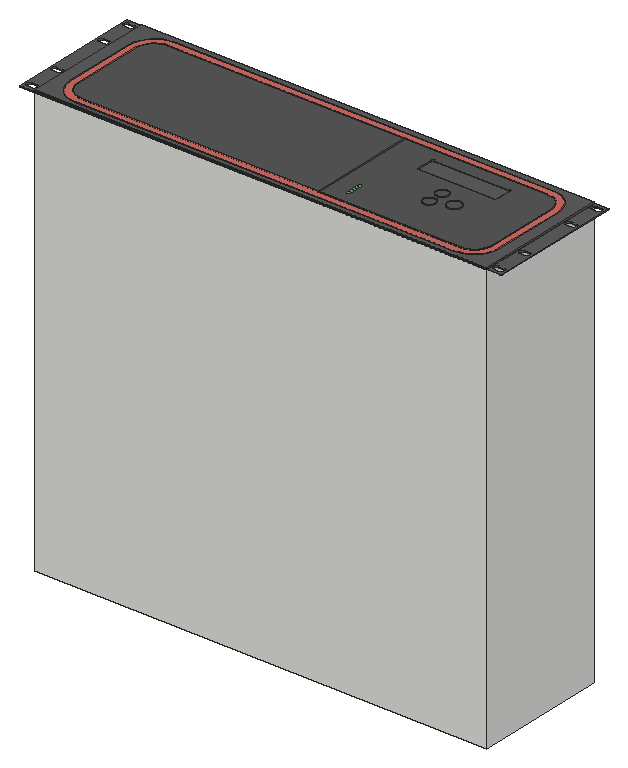
Revit family "Electronics_Configurable-Audio-DSP_Biamp_Tesira_Server__", category Communication Devices, host Face, Revit 2020
Family settings
  Host = Face
  Maintain Annotation Orientation = No
  Round Connector Dimension = Use Diameter
  Part Type = Normal
  OmniClass Number = 23.85.10.17.11
  OmniClass Title = Audio-Visual System Components
  Cut with Voids When Loaded = No
  Shared = No
  Room Calculation Point = No
Parameters (values of type "SERVER")
  Width = 19.00"  # constant formula
  Weight = 18.00 lbf  # constant formula
  Voltage = 120 V
  URL = "https://www.biamp.com/"
  Sampling Rate = "48kHz"  # constant formula
  SERVER-IO = no
  SERVER = yes
  Product data url = "https://www.bimobject.com/biamp/product/tesira-server_configurable-audio-dsp"
  Product Page URL = "https://www.biamp.com/products/tesira-configurable-audio-dsp#tesira-server"
  Product Documentation Link = "https://downloads.biamp.com/assets/docs/default-source/data-sheets/biamp_data_sheet_tesira_server_dec20.pdf"
  Power Factor = 1
  Phantom Power = "+48 VDC (7mA/input)"  # constant formula
  Output Impedance = "200 ohm"  # constant formula
  Number of Poles = 1
  Model = "Tesira SERVER"
  Maximum Output = "+24dBu"  # constant formula
  Max Power Consumption = 150 W
  Manufacturer = "Biamp"  # constant formula
  Input Impedance = "8 kohm"  # constant formula
  Input Gain Range = "6dB Steps: 0 - 66dB"  # constant formula
  Housing Material = Biamp - Metal - Silver
  Height = 5.25"  # constant formula
  Frequency Response = "+0/-0.25dB"  # constant formula
  EIN = "<-125dBu"  # constant formula
  Dynamic Range = ">108dB"  # constant formula
  Description = "Tesira® SERVER Configurable I/O DSP"
  Depth = 17.00"  # constant formula
  Default Elevation = 48.00"
  Cross Talk = "0dB Gain, +4dBu In: < -85dB; 54dB Gain, -50dBu In: < -75dB"  # constant formula
  Connector Description = "100-240VAC 50/60Hz"  # constant formula
  Compliance = "FCC Part 15B (USA), FCC Part 68 (USA), Industry Canada CS-03 (Canada), CE marked (Europe), UL and C-UL listed (USA & Canada). RCM (Australia), EAC (Eurasian Customs Union), RoHS Directive (Europe)"  # constant formula
  Assembly Code = ""
  Apparent Load = Max Power Consumption / Power Factor  # 150 VA
  A/D Converters = "24-bit\r"  # constant formula
Reference planes (in)
  plane 1 "Center (Front/Back)": y = 0
  plane 2: z = 0
  plane 3 "Center (Left/Right)": x = 0
  plane 4: z = 0.03125
  plane 5: z = 0.07031
  plane 6: x = 18.4252
  plane 7: y = 2.39528
  plane 8: y = 1.13543
  plane 9: y = -1.14921
  plane 10: y = -2.40905
Forms (in)
  Extrusion 1, solid, material "Biamp - Plastic - Red", detail levels medium+fine
    sketch origin (9.2126, -2.625, -8.40624) x (1, 0, 0) y (0, 1, 0)
      loop
        arc (-7.46063, 5.03937) -> (-8.1566, 4.75109) -> (-8.44488, 4.05512) r 0.98425
        line (-8.44488, 4.05512) -> (-8.44488, 1.1811)
        arc (-8.44488, 1.1811) -> (-8.1566, 0.48513) -> (-7.46063, 0.19685) r 0.98425
        line (-7.46063, 0.19685) -> (7.46063, 0.19685)
        arc (7.46063, 0.19685) -> (8.1566, 0.48513) -> (8.44488, 1.1811) r 0.98425
        line (8.44488, 1.1811) -> (8.44488, 4.05512)
        arc (8.44488, 4.05512) -> (8.1566, 4.75109) -> (7.46063, 5.03937) r 0.98425
        line (7.46063, 5.03937) -> (-7.46063, 5.03937)
      loop
        arc (-7.46063, 4.76378) -> (-7.96173, 4.55622) -> (-8.16929, 4.05512) r 0.70866
        line (-8.16929, 4.05512) -> (-8.16929, 1.1811)
        arc (-8.16929, 1.1811) -> (-7.96173, 0.68) -> (-7.46063, 0.47244) r 0.70866
        line (-7.46063, 0.47244) -> (7.46063, 0.47244)
        arc (7.46063, 0.47244) -> (7.96173, 0.68) -> (8.16929, 1.1811) r 0.70866
        line (8.16929, 1.1811) -> (8.16929, 4.05512)
        arc (8.16929, 4.05512) -> (7.96173, 4.55622) -> (7.46063, 4.76378) r 0.70866
        line (7.46063, 4.76378) -> (-7.46063, 4.76378)
    from 8.47655 to 8.43749
  Extrusion 2, solid, material "Biamp - Plastic - Black(Grid)", detail levels medium+fine
    sketch origin (9.2126, -2.625, -8.40624) x (1, 0, 0) y (0, 1, 0)
      loop
        arc (-7.46063, 4.76378) -> (-7.96173, 4.55622) -> (-8.16929, 4.05512) r 0.70866
        line (-8.16929, 4.05512) -> (-8.16929, 1.1811)
        arc (-8.16929, 1.1811) -> (-7.96173, 0.68) -> (-7.46063, 0.47244) r 0.70866
        line (-7.46063, 0.47244) -> (1.87008, 0.47244) -> (1.87008, 4.76378) -> (-7.46063, 4.76378)
    from 8.47655 to 8.43749
  Extrusion 3, solid, material "Biamp - Glass - Gray", detail levels medium+fine
    sketch origin (9.2126, -2.625, -8.40624) x (1, 0, 0) y (0, 1, 0)
      loop
        line (3.46457, 3.46624) -> (6.37795, 3.46624)
        arc (6.37795, 3.46624) -> (6.44755, 3.49506) -> (6.47638, 3.56466) r 0.09843
        line (6.47638, 3.56466) -> (6.47638, 4.15521)
        arc (6.47638, 4.15521) -> (6.44755, 4.22481) -> (6.37795, 4.25364) r 0.09843
        line (6.37795, 4.25364) -> (3.464, 4.25364)
        arc (3.464, 4.25364) -> (3.39481, 4.22497) -> (3.36614, 4.15578) r 0.09786
        line (3.36614, 4.15578) -> (3.36614, 3.56466)
        arc (3.36614, 3.56466) -> (3.39497, 3.49506) -> (3.46457, 3.46624) r 0.09843
    from 8.47655 to 8.43749
  Extrusion 4, solid, material "Biamp - Plastic - Black", detail levels medium+fine
    sketch origin (9.2126, -2.625, -8.40624) x (1, 0, 0) y (0, 1, 0)
      loop
        circle (4.91745, 2.78143) r 0.23622
      loop
        circle (4.91269, 2.14309) r 0.23622
      loop
        circle (5.66535, 2.44321) r 0.27559
    from 8.47655 to 8.43749
  Extrusion 5, solid, material "Biamp - Metal - Black", detail levels medium+fine
    sketch origin (9.2126, -2.625, -8.3431) x (1, 0, 0) y (0, 0, -1)
      loop
        line (-8.91732, -8.37435) -> (-8.91732, -8.41341) -> (8.91732, -8.41341) -> (8.91732, -8.37435) -> (-8.91732, -8.37435)
    from 0 to 5.25
  Extrusion 6, solid, material "Biamp - Metal - Silver" <- "Housing Material", visible <- "SERVER"
    sketch origin (9.2126, -2.625, -8.40624) x (1, 0, 0) y (0, 0, -1)
      loop
        line (-8.91732, 8.5) -> (-8.91732, -8.40624) -> (8.91732, -8.40624) -> (8.91732, 8.5) -> (-8.91732, 8.5)
    from 0 to 5.25
  Extrusion 7, solid, material "Biamp - Metal - Black", detail levels medium+fine
    sketch origin (9.2126, -2.625, -8.40624) x (1, 0, 0) y (0, 0, -1)
      loop
        line (-9.49219, -8.40624) -> (-9.49219, -8.43749) -> (9.49219, -8.43749) -> (9.49219, -8.40624) -> (-9.49219, -8.40624)
    from 0 to 5.25
  Extrusion 8, void
    sketch origin (9.2126, -2.625, -8.40624) x (1, 0, 0) y (0, 1, 0)
      loop
        arc (9.31102, 4.90216) -> (9.42913, 5.02028) -> (9.31102, 5.13839) r 0.11811
        line (9.31102, 5.13839) -> (9.11417, 5.13839)
        arc (9.11417, 5.13839) -> (8.99606, 5.02028) -> (9.11417, 4.90216) r 0.11811
        line (9.11417, 4.90216) -> (9.31102, 4.90216)
      loop
        arc (9.31102, 3.64232) -> (9.42913, 3.76043) -> (9.31102, 3.87854) r 0.11811
        line (9.31102, 3.87854) -> (9.11417, 3.87854)
        arc (9.11417, 3.87854) -> (8.99606, 3.76043) -> (9.11417, 3.64232) r 0.11811
        line (9.11417, 3.64232) -> (9.31102, 3.64232)
      loop
        line (9.31102, 0.33406) -> (9.11417, 0.33406)
        arc (9.11417, 0.33406) -> (8.99606, 0.21595) -> (9.11417, 0.09784) r 0.11811
        line (9.11417, 0.09784) -> (9.31102, 0.09784)
        arc (9.31102, 0.09784) -> (9.42913, 0.21595) -> (9.31102, 0.33406) r 0.11811
      loop
        line (9.31102, 1.5939) -> (9.11417, 1.5939)
        arc (9.11417, 1.5939) -> (8.99606, 1.47579) -> (9.11417, 1.35768) r 0.11811
        line (9.11417, 1.35768) -> (9.31102, 1.35768)
        arc (9.31102, 1.35768) -> (9.42913, 1.47579) -> (9.31102, 1.5939) r 0.11811
      loop
        line (-9.31102, 4.90216) -> (-9.11417, 4.90216)
        arc (-9.11417, 4.90216) -> (-8.99606, 5.02028) -> (-9.11417, 5.13839) r 0.11811
        line (-9.11417, 5.13839) -> (-9.31102, 5.13839)
        arc (-9.31102, 5.13839) -> (-9.42913, 5.02028) -> (-9.31102, 4.90216) r 0.11811
      loop
        line (-9.31102, 3.64232) -> (-9.11417, 3.64232)
        arc (-9.11417, 3.64232) -> (-8.99606, 3.76043) -> (-9.11417, 3.87854) r 0.11811
        line (-9.11417, 3.87854) -> (-9.31102, 3.87854)
        arc (-9.31102, 3.87854) -> (-9.42913, 3.76043) -> (-9.31102, 3.64232) r 0.11811
      loop
        arc (-9.31102, 0.33406) -> (-9.42913, 0.21595) -> (-9.31102, 0.09784) r 0.11811
        line (-9.31102, 0.09784) -> (-9.11417, 0.09784)
        arc (-9.11417, 0.09784) -> (-8.99606, 0.21595) -> (-9.11417, 0.33406) r 0.11811
        line (-9.11417, 0.33406) -> (-9.31102, 0.33406)
      loop
        arc (-9.31102, 1.5939) -> (-9.42913, 1.47579) -> (-9.31102, 1.35768) r 0.11811
        line (-9.31102, 1.35768) -> (-9.11417, 1.35768)
        arc (-9.11417, 1.35768) -> (-8.99606, 1.47579) -> (-9.11417, 1.5939) r 0.11811
        line (-9.11417, 1.5939) -> (-9.31102, 1.5939)
    from 8.40624 to 8.43919
  Extrusion 9, void
    sketch origin (0.29528, -2.625, -16.90624) x (-1, 0, 0) y (0, -1, 0)
      loop
        line (-15.96022, -3.91084) -> (-15.65245, -3.91084) -> (-15.65245, -2.97663) -> (-15.96022, -2.97663) -> (-15.96022, -3.91084)
      loop
        line (-15.96022, -2.58436) -> (-15.39011, -2.58436) -> (-15.39011, -1.87148) -> (-15.96022, -1.87148) -> (-15.96022, -2.58436)
      loop
        line (-15.96022, -1.24134) -> (-15.39011, -1.24134) -> (-15.39011, -0.54599) -> (-15.96022, -0.54599) -> (-15.96022, -1.24134)
      loop
        arc (-17.47101, -1.19619) -> (-17.44947, -1.27256) -> (-17.37741, -1.30578) r 0.09477
        line (-17.37741, -1.30578) -> (-16.7387, -1.30578)
        arc (-16.7387, -1.30578) -> (-16.66801, -1.27319) -> (-16.64689, -1.19827) r 0.09296
        line (-16.64689, -1.19827) -> (-16.69228, -0.91165)
        arc (-16.69228, -0.91165) -> (-16.71048, -0.87915) -> (-16.74543, -0.86626) r 0.05381
        line (-16.74543, -0.86626) -> (-17.37064, -0.86626)
        arc (-17.37064, -0.86626) -> (-17.40722, -0.87975) -> (-17.42628, -0.91378) r 0.05633
        line (-17.42628, -0.91378) -> (-17.47101, -1.19619)
      loop
        arc (-17.36898, -0.21688) -> (-17.40658, -0.22981) -> (-17.42627, -0.26437) r 0.05633
        line (-17.42627, -0.26437) -> (-17.47101, -0.54681)
        arc (-17.47101, -0.54681) -> (-17.44947, -0.62318) -> (-17.37741, -0.6564) r 0.09477
        line (-17.37741, -0.6564) -> (-16.7387, -0.6564)
        arc (-16.7387, -0.6564) -> (-16.66801, -0.62381) -> (-16.64689, -0.5489) r 0.09296
        line (-16.64689, -0.5489) -> (-16.69228, -0.26227)
        arc (-16.69228, -0.26227) -> (-16.70957, -0.23052) -> (-16.74305, -0.21688) r 0.0538
        line (-16.74305, -0.21688) -> (-17.36898, -0.21688)
      loop
        line (-13.65493, -2.58436) -> (-13.08482, -2.58436) -> (-13.08482, -1.87148) -> (-13.65493, -1.87148) -> (-13.65493, -2.58436)
      loop
        line (-13.65493, -1.24134) -> (-13.08482, -1.24134) -> (-13.08482, -0.54599) -> (-13.65493, -0.54599) -> (-13.65493, -1.24134)
      loop
        line (-12.50554, -2.58436) -> (-11.93543, -2.58436) -> (-11.93543, -1.87148) -> (-12.50554, -1.87148) -> (-12.50554, -2.58436)
      loop
        line (-12.50554, -1.24134) -> (-11.93543, -1.24134) -> (-11.93543, -0.54599) -> (-12.50554, -0.54599) -> (-12.50554, -1.24134)
      loop
        line (-17.21787, -3.91084) -> (-16.78644, -3.91084)
        arc (-16.78644, -3.91084) -> (-16.61941, -3.84165) -> (-16.55022, -3.67462) r 0.23622
        line (-16.55022, -3.67462) -> (-16.55022, -2.89161)
        arc (-16.55022, -2.89161) -> (-16.61941, -2.72458) -> (-16.78644, -2.65539) r 0.23622
        line (-16.78644, -2.65539) -> (-17.21811, -2.65539)
        arc (-17.21811, -2.65539) -> (-17.38515, -2.72458) -> (-17.45433, -2.89161) r 0.23622
        line (-17.45433, -2.89161) -> (-17.45433, -3.67438)
        arc (-17.45433, -3.67438) -> (-17.38508, -3.84158) -> (-17.21787, -3.91084) r 0.23646
    from 0.13 to 0
  Extrusion 10, void
    sketch origin (0.29528, -2.625, -16.90624) x (-1, 0, 0) y (0, -1, 0)
      loop
        line (-16.12646, -4.3221) -> (-15.21845, -4.3221) -> (-15.21845, -0.3481) -> (-16.12646, -0.3481) -> (-16.12646, -4.3221)
      loop
        line (-13.76426, -4.3221) -> (-12.97686, -4.3221) -> (-12.97686, -0.3481) -> (-13.76426, -0.3481) -> (-13.76426, -4.3221)
      loop
        line (-12.64272, -4.3221) -> (-11.85532, -4.3221) -> (-11.85532, -0.3481) -> (-12.64272, -0.3481) -> (-12.64272, -4.3221)
    from 0.1 to 0
  Extrusion 11, solid, material "Biamp - Plastic - Black", detail levels medium+fine
    sketch origin (9.40945, -2.625, -8.40624) x (1, 0, 0) y (0, 1, 0)
      loop
        line (1.72534, 0.47244) -> (7.26378, 0.47244)
        arc (7.26378, 0.47244) -> (7.76488, 0.68) -> (7.97244, 1.1811) r 0.70866
        line (7.97244, 1.1811) -> (7.97244, 4.05512)
        arc (7.97244, 4.05512) -> (7.76488, 4.55622) -> (7.26378, 4.76378) r 0.70866
        line (7.26378, 4.76378) -> (1.72534, 4.76378) -> (1.72534, 0.47244)
      loop
        circle (4.7206, 2.78143) r 0.23622
      loop
        circle (4.71584, 2.14309) r 0.23622
      loop
        circle (5.4685, 2.44321) r 0.27559
      loop
        line (3.26772, 3.46624) -> (6.1811, 3.46624)
        arc (6.1811, 3.46624) -> (6.2507, 3.49506) -> (6.27953, 3.56466) r 0.09843
        line (6.27953, 3.56466) -> (6.27953, 4.15521)
        arc (6.27953, 4.15521) -> (6.2507, 4.22481) -> (6.1811, 4.25364) r 0.09843
        line (6.1811, 4.25364) -> (3.26715, 4.25364)
        arc (3.26715, 4.25364) -> (3.19795, 4.22497) -> (3.16929, 4.15578) r 0.09786
        line (3.16929, 4.15578) -> (3.16929, 3.56466)
        arc (3.16929, 3.56466) -> (3.19812, 3.49506) -> (3.26772, 3.46624) r 0.09843
    from 8.47655 to 8.43749
  Extrusion 12, void
    sketch origin (9.2126, 0, 0) x (1, 0, 0) y (0, 1, 0)
      loop
        arc (-7.46063, 2.41437) -> (-8.1566, 2.12609) -> (-8.44488, 1.43012) r 0.98425
        line (-8.44488, 1.43012) -> (-8.44488, -1.4439)
        arc (-8.44488, -1.4439) -> (-8.1566, -2.13987) -> (-7.46063, -2.42815) r 0.98425
        line (-7.46063, -2.42815) -> (7.46063, -2.42815)
        arc (7.46063, -2.42815) -> (8.1566, -2.13987) -> (8.44488, -1.4439) r 0.98425
        line (8.44488, -1.4439) -> (8.44488, 1.43012)
        arc (8.44488, 1.43012) -> (8.1566, 2.12609) -> (7.46063, 2.41437) r 0.98425
        line (7.46063, 2.41437) -> (-7.46063, 2.41437)
    from 0.03125 to 0.07031
  Revolve 13, solid, material "Biamp - Plastic - Green", detail levels fine
    sketch origin (11.85763, -2.36365, -5.08717) x (0, 1, 0) y (0, 0, 1)
      loop
        arc (1.33717, 5.15748) -> (1.29771, 5.19694) -> (1.25824, 5.15748) r 0.03946
        line (1.25824, 5.15748) -> (1.33717, 5.15748)
      loop
        arc (1.19785, 5.15748) -> (1.15839, 5.19694) -> (1.11892, 5.15748) r 0.03946
        line (1.11892, 5.15748) -> (1.19785, 5.15748)
      loop
        arc (1.05983, 5.15748) -> (1.02037, 5.19694) -> (0.9809, 5.15748) r 0.03946
        line (0.9809, 5.15748) -> (1.05983, 5.15748)
      loop
        arc (0.92095, 5.15748) -> (0.88149, 5.19694) -> (0.84202, 5.15748) r 0.03946
        line (0.84202, 5.15748) -> (0.92095, 5.15748)
      loop
        arc (0.78497, 5.15748) -> (0.7455, 5.19694) -> (0.70604, 5.15748) r 0.03946
        line (0.70604, 5.15748) -> (0.78497, 5.15748)
      axis (1.33717, 5.15748) -> (0.70604, 5.15748)
    angle from 270 to 450
  Extrusion 14, solid, material "Biamp - Metal - Black", detail levels coarse
    sketch origin (0, 0, 0) x (1, 0, 0) y (0, 0, 1)
      loop
        line (-0.27959, 0.03125) -> (-0.27959, 0) -> (18.70479, 0) -> (18.70479, 0.03125) -> (-0.27959, 0.03125)
    from -2.625 to 2.625
  Extrusion 15, solid, material "Biamp - Metal - Black", detail levels coarse
    sketch origin (0, 0, 0) x (1, 0, 0) y (0, 0, 1)
      loop
        line (0.29528, 0.07031) -> (0.29528, 0.03125) -> (18.12992, 0.03125) -> (18.12992, 0.07031) -> (0.29528, 0.07031)
    from -2.625 to 2.625
Cuts and joins
  Extrusion 9, Extrusion 10 cuts Extrusion 6
  Extrusion 8 cuts Extrusion 7
  Extrusion 12 cuts Extrusion 5
Lines and regions (in)
  Masking region 1
    outline origin (0, 0, 0) x (1, 0, 0) y (0, 0, 1)
      loop
        line (-0.27959, 0) -> (0.29528, 0) -> (0.29528, -16.90624) -> (18.12992, -16.90624) -> (18.12992, 0) -> (18.70479, 0) -> (18.70479, 0.03125) -> (18.12992, 0.03125) -> (18.12992, 0.07031) -> (0.29528, 0.07031) -> (0.29528, 0.03125) -> (-0.27959, 0.03125) -> (-0.27959, 0)
  symbolic lines
    curve 1: line (-0.27959, 0, 0.03125) -> (18.70479, 0, 0.03125)
    curve 2: line (18.70479, 0, 0) -> (-0.27959, 0, 0)
Dimensions and locks (in)
  plane 5 to plane 4 = 0.03906"
  aligned and locked: plane 2 to host face
  aligned and locked: level to host face
  aligned and locked: Extrusion 8 to Extrusion 7
  aligned and locked: Extrusion 5 to Extrusion 7
  aligned and locked: Extrusion 5 to Extrusion 6
  aligned and locked: Extrusion 1 to Extrusion 2
  aligned and locked: Extrusion 1 to Extrusion 11
  aligned and locked: Extrusion 1 to Extrusion 3
  aligned and locked: Extrusion 1 to Extrusion 4
Connectors (in)
  electrical at (17.29752, 0.65809, -16.77624), driven by "Number of Poles", driven by "Voltage", driven by "Apparent Load", driven by "Power Factor", driven by "Connector Description"
    settings: on cut or joined group of Extrusion 6, Extrusion 9, Extrusion 10, index 1, voltage 120 V, apparent load 0 VA, apparent load phase1 150 VA, apparent load phase2 0 VA, apparent load phase3 0 VA, power factor 1, load classification "Other", number of poles 1, system type 31, power factor state 1, is connector primary yes, connector utility no, sub classification motor no, connector description "100-240VAC 50/60Hz"
  electrical at (17.35385, -1.55451, -16.77624)
    settings: on cut or joined group of Extrusion 6, Extrusion 9, Extrusion 10, index 2, voltage 0 V, apparent load 0 VA, apparent load phase1 0 VA, apparent load phase2 0 VA, apparent load phase3 0 VA, power factor 1, load classification "Other", number of poles 1, system type 5, power factor state 1, is connector primary no, connector utility no, sub classification motor no, connector description "RS-232; Serial 1"
  electrical at (17.35335, -2.20389, -16.77624)
    settings: on cut or joined group of Extrusion 6, Extrusion 9, Extrusion 10, index 3, voltage 0 V, apparent load 0 VA, apparent load phase1 0 VA, apparent load phase2 0 VA, apparent load phase3 0 VA, power factor 1, load classification "Other", number of poles 1, system type 5, power factor state 1, is connector primary no, connector utility no, sub classification motor no, connector description "RS-232; Serial 2"
  electrical at (15.97044, -1.73133, -16.77624)
    settings: on cut or joined group of Extrusion 6, Extrusion 9, Extrusion 10, index 4, voltage 0 V, apparent load 0 VA, apparent load phase1 0 VA, apparent load phase2 0 VA, apparent load phase3 0 VA, power factor 1, load classification "Other", number of poles 1, system type 5, power factor state 1, is connector primary no, connector utility no, sub classification motor no, connector description "RJ-45; SNC-2 Secondary"
  electrical at (15.97044, -0.39708, -16.77624)
    settings: on cut or joined group of Extrusion 6, Extrusion 9, Extrusion 10, index 5, voltage 0 V, apparent load 0 VA, apparent load phase1 0 VA, apparent load phase2 0 VA, apparent load phase3 0 VA, power factor 1, load classification "Other", number of poles 1, system type 5, power factor state 1, is connector primary no, connector utility no, sub classification motor no, connector description "RJ-45; SNC-2 Primary"
  electrical at (13.66515, -0.39708, -16.77624)
    settings: on cut or joined group of Extrusion 6, Extrusion 9, Extrusion 10, index 7, voltage 0 V, apparent load 0 VA, apparent load phase1 0 VA, apparent load phase2 0 VA, apparent load phase3 0 VA, power factor 1, load classification "Other", number of poles 1, system type 5, power factor state 1, is connector primary no, connector utility no, sub classification motor no, connector description "RJ-45; AVB-1 Primary"
  electrical at (13.66515, -1.73133, -16.77624)
    settings: on cut or joined group of Extrusion 6, Extrusion 9, Extrusion 10, index 8, voltage 0 V, apparent load 0 VA, apparent load phase1 0 VA, apparent load phase2 0 VA, apparent load phase3 0 VA, power factor 1, load classification "Other", number of poles 1, system type 5, power factor state 1, is connector primary no, connector utility no, sub classification motor no, connector description "RJ-45; AVB-1 Secondary"
  electrical at (12.51576, -1.73133, -16.77624)
    settings: on cut or joined group of Extrusion 6, Extrusion 9, Extrusion 10, index 9, voltage 0 V, apparent load 0 VA, apparent load phase1 0 VA, apparent load phase2 0 VA, apparent load phase3 0 VA, power factor 1, load classification "Other", number of poles 1, system type 5, power factor state 1, is connector primary no, connector utility no, sub classification motor no, connector description "RJ-45; SCM-1 Secondary"
  electrical at (12.51576, -0.39708, -16.77624)
    settings: on cut or joined group of Extrusion 6, Extrusion 9, Extrusion 10, index 10, voltage 0 V, apparent load 0 VA, apparent load phase1 0 VA, apparent load phase2 0 VA, apparent load phase3 0 VA, power factor 1, load classification "Other", number of poles 1, system type 5, power factor state 1, is connector primary no, connector utility no, sub classification motor no, connector description "RJ-45; SCM-1 Primary"
  electrical at (16.10161, 0.81874, -16.77624)
    settings: on cut or joined group of Extrusion 6, Extrusion 9, Extrusion 10, index 43, voltage 0 V, apparent load 0 VA, apparent load phase1 0 VA, apparent load phase2 0 VA, apparent load phase3 0 VA, power factor 1, load classification "Other", number of poles 1, system type 5, power factor state 1, is connector primary no, connector utility no, sub classification motor no, connector description "Logic I/O (x4)"
